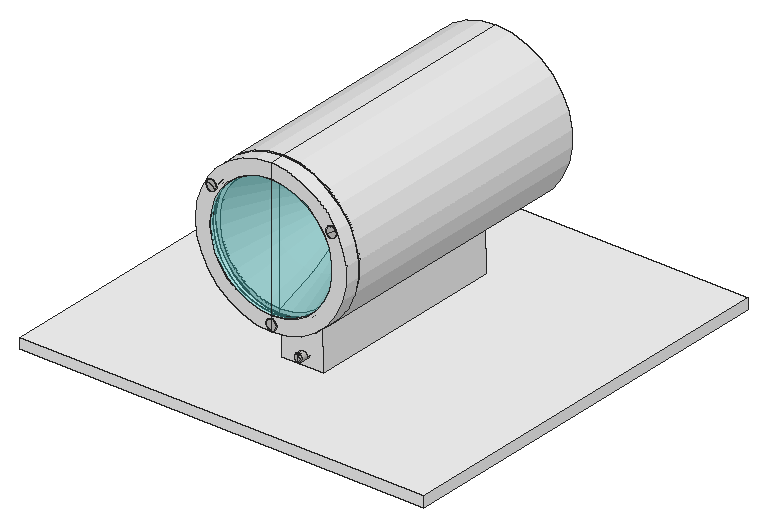
Revit family "BE_66698_de_DE", category Leuchten, Revit 2020
Family settings
  Basisbauteil = Fläche
  Bemaßung runder Anschluss = Durchmesser verwenden
  Teiletyp = Normal
  Beim Laden mit Abzugskörper schneiden = Ja
  Lichtquelle = Ja
  Gemeinsam genutzt = Nein
  Raumberechnungspunkt = Ja
Parameters (values of type "BEGA_66698_Weiß_K4")
  built-in parameter 1150104 = 7.488 (stored number, unit not read)
  Wattage = 18 W
  Default Elevation = 0 mm
  built-in parameter 1150113 = 1 (stored number, unit not read)
  built-in parameter 1114218 = 1 (stored number, unit not read)
  Umgebungstemperatur = "25 °C"
  URL = "https://www.bega.com/de/produkt/66698"
  Typenkommentare = "© 2022 BEGA. Wir behalten uns das Recht vor, technische Änderungen ohne vorherige Ankündigung vorzunehmen."  # constant formula
  Type Image = 66698.png
  built-in parameter 1150134 = 12
  built-in parameter 1150109 = 1 (stored number, unit not read)
  Strom = ""
  built-in parameter 1150110 = 1 (stored number, unit not read)
  Spannung = 239.996 V
  Sonderanfertigung = no
  Seriennummer [instance] = "Hier können Sie die eindeutige Seriennummer für das Facility Management eintragen."
  Schutzklasse = "I"
  Schutzart = "IP 65"
  Scheinlast = 0 VA
  Produktdatenblatt = "https://cdn.bega.com/bega/products/66698K4/current/documents/data-sheets/de"
  Oberflächentemperatur = ""
  Neigungswinkel = 0.00°
  Modell = "66698WK4"
  Material_17 = BEGA_Reflektor
  Material_15 = BEGA_Leuchtmedium_matt
  Material_11 = BEGA_Glas_opal
  Material_09 = BEGA_Glas_klar
  Material_06 = BEGA_Oberfläche_Edelstahl_gebürstet
  Material_03 = BEGA_Oberfläche_Weiss_matt
  Material_02 = BEGA_Oberfläche_Silber_matt
  Material_01 [instance] = BEGA_Oberfläche_Grafit_matt
  M_W = yes
  M_G = no
  M_A = no
  Logo = 0
  built-in parameter 1114217 = 1 (stored number, unit not read)
  built-in parameter 1150139 = (empty or 0)
  built-in parameter 1150105 = 115.45 (stored number, unit not read)
  built-in parameter 1150114 = 1 (stored number, unit not read)
  Lumens = 1450.8 lm
  built-in parameter 1150115 = 1 (stored number, unit not read)
  Leuchtenlichtstrom = "1289 lm"
  Leuchtenanzahl = ""
  Lebensdauerkriterien = "L70B50 @ 25 °C = 170000 h"
  Lastklassifizierung = Beleuchtung
  built-in parameter 1150112 = 1 (stored number, unit not read)
  Lampenlichtstrom = "1965 lm"
  Lampe = "LED 12.3 W"
  LED_Modulbezeichnung = "LED-0724/840"
  built-in parameter 1150142 = (empty or 0)
  Hersteller = "BEGA"  # constant formula
  Halbstreuwinkel = ""
  Gewicht = "3.3 kg"
  Gebrauchslageneinschränkung [instance] = ""
  Frequenz = "0/50-60 Hz"
  Farbwiedergabeindex = "CRI > 80"
  Farbtemperaturverschiebung bei Dämpfen der Lampe = <Keine Auswahl>
  Farbtemperatur = "4000 K"
  Color Filter = 16777215
  built-in parameter 1150133 = 10 (stored number, unit not read)
  Energieeffizienzklasse = "LED A++ - A"
  built-in parameter 1150137 = (empty or 0)
  built-in parameter 1150132 = (empty or 0)
  ENEC = "ja"
  Dimmbar [instance] = "DALI"
  Datei für fotometrisches Netz = "BE_66698K4.IES"
  CE_Konformität = "ja"
  Bestellnummer = "66698WK4"
  Beschreibung_Sonderanfertigung = "Hier können Sie Informationen zur Sonderanfertigung eintragen."
  Beschreibung = "Wandleuchte"
  built-in parameter 1150106 = 1.1545 (stored number, unit not read)
  Befestigungsbohrung = "Ø 4,3 mm"
  Befestigungsabstand = "160 x 14 mm"
  Ballwurfsicher = ""
  BEGA_Intern_aus = yes
  BEGA_Intern_an = yes
  BEGA_Intern_Konstruktion = yes
  BEGA_Intern = yes
  BEGA_IES = yes
  BEGA_Dummy = no
  Anschlussleitung = ""
  Anschlussleistung [instance] = "15 W"
  Anschlusskasten = ""
  built-in parameter 1150107 = 4000 (stored number, unit not read)
  built-in parameter 1150102 = (empty or 0)
  built-in parameter 1150138 = (empty or 0)
  Aktualisierung = "2022-05-19T04:00:07"
  Abstand_zur_angestrahlten_Fläche [instance] = ""
  AC/DC = "AC/DC"
Types (6, lengths in mm): name | built-in parameter 1150104 | built-in parameter 1150134 | Modell | M_W | M_G | M_A | built-in parameter 1150105 | Lumens | Leuchtenlichtstrom | Lampenlichtstrom | LED_Modulbezeichnung | Farbtemperatur | Datei für fotometrisches Netz | Bestellnummer | built-in parameter 1150106 | built-in parameter 1150107
  BEGA_66698_Silber_K4 | 7.488 (stored number, unit not read) | 12 | "66698AK4" | no | no | yes | 115.45 (stored number, unit not read) | 1450.8 lm | "1289 lm" | "1965 lm" | "LED-0724/840" | "4000 K" | "BE_66698K4.IES" | "66698AK4" | 1.1545 (stored number, unit not read) | 4000 (stored number, unit not read)
  BEGA_66698_Weiß_K4 | 7.488 (stored number, unit not read) | 12 | "66698WK4" | yes | no | no | 115.45 (stored number, unit not read) | 1450.8 lm | "1289 lm" | "1965 lm" | "LED-0724/840" | "4000 K" | "BE_66698K4.IES" | "66698WK4" | 1.1545 (stored number, unit not read) | 4000 (stored number, unit not read)
  BEGA_66698_Grafit_K3 | 6.9677 (stored number, unit not read) | (empty or 0) | "66698K3" | no | yes | no | 107.43 (stored number, unit not read) | 1350 lm | "1250 lm" | "1915 lm" | "LED-0724/830" | "3000 K" | "BE_66698K3.IES" | "66698K3" | 1.0743 (stored number, unit not read) | 3000 (stored number, unit not read)
  BEGA_66698_Weiß_K3 | 6.9677 (stored number, unit not read) | (empty or 0) | "66698WK3" | yes | no | no | 107.43 (stored number, unit not read) | 1350 lm | "1250 lm" | "1915 lm" | "LED-0724/830" | "3000 K" | "BE_66698K3.IES" | "66698WK3" | 1.0743 (stored number, unit not read) | 3000 (stored number, unit not read)
  BEGA_66698_Grafit_K4 | 7.488 (stored number, unit not read) | 12 | "66698K4" | no | yes | no | 115.45 (stored number, unit not read) | 1450.8 lm | "1289 lm" | "1965 lm" | "LED-0724/840" | "4000 K" | "BE_66698K4.IES" | "66698K4" | 1.1545 (stored number, unit not read) | 4000 (stored number, unit not read)
  BEGA_66698_Silber_K3 | 6.9677 (stored number, unit not read) | (empty or 0) | "66698AK3" | no | no | yes | 107.43 (stored number, unit not read) | 1350 lm | "1250 lm" | "1915 lm" | "LED-0724/830" | "3000 K" | "BE_66698K3.IES" | "66698AK3" | 1.0743 (stored number, unit not read) | 3000 (stored number, unit not read)
Reference planes
  plane 1 "Mitte (Vorne/Hinten)": y = 0
  plane 2: z = 0
  plane 3 "Mitte (Links/Rechts)": x = 0
  plane 4 "Links": x = -75
  plane 5 "Rechts": x = 75
  plane 6 "Unten": y = -138.971
  plane 7 "Oben": y = 138.971
  plane 8 "Vorne": z = 200
  plane 9 "Hinten": z = 0
Forms (mm)
  Extrusion 1, solid, material "BEGA_Platte_Weiss"
    sketch origin (0, -1119.2, 0) x (1, 0, 0) y (0, 1, 0)
      loop
        line (-200, 1319.2) -> (-200, 919.2) -> (200, 919.2) -> (200, 1319.2) -> (-200, 1319.2)
    from 0 to -10
  Extrusion 2, solid, material "BEGA_Dummy_matt", visible <- "BEGA_Dummy"
    sketch origin (80.095, -76.023, 0) x (1, 0, 0) y (0, 1, 0)
      loop
        line (-155.095, 214.994) -> (-155.095, -62.948) -> (-5.095, -62.948) -> (-5.095, 214.994) -> (-155.095, 214.994)
    from 0 to 200
Dimensions and locks
  plane 1 "Mitte (Vorne/Hinten)" to Extrusion 1 = 200 mm
  aligned and locked: plane 2 to Extrusion 1
  aligned and locked: level to Extrusion 1
Nested families
  nested 1: "BE_66698" at (0, 0, 0) x (0, -1, 0) z (0, 0, 1), type "BE_66698"
Connectors
  electrical at (0, 0, 0), driven by "Lastklassifizierung", driven by "Spannung", driven by "Scheinlast"
    settings: index 1, voltage 239.996 V, apparent load 0 VA, apparent load phase1 0 VA, apparent load phase2 0 VA, apparent load phase3 0 VA, power factor 1, load classification "Beleuchtung", number of poles 1, system type 31, power factor state 1, is connector primary yes, connector utility no, sub classification motor no, connector description ""
Definition of nested family "BE_66698"
  Parameters (values of type "BE_66698")
    Default Elevation = 1 mm
    URL = "http://www.bega.de/de/produkt"
    Type Comments = "© 2015 BEGA. Wir behalten uns das Recht vor, technische Änderungen ohne vorherige Ankündigung vorzunehmen. "  # constant formula
    Type Image = (empty or 0)
    Material_17 = none
    Material_15 = none
    Material_11 = none
    Material_09 = none
    Material_06 = none
    Material_03 = none
    Material_02 = none
    Material_01 = none
    M_W = yes
    M_G = yes
    M_A = yes
    Länge_Platte = 400 mm  # constant formula
    Höhe_Platte = -10 mm  # constant formula
    Manufacturer = "BEGA"  # constant formula
    Breite_Platte = 200 mm  # constant formula
  Reference planes
    plane 1 "Mitte (Oben/Unten)": y = 0
    plane 2: z = 0
    plane 3 "Mitte (Links/Rechts)": x = 0
    plane 4 "Unten": y = -75
    plane 5: x = -138.971
    plane 6: z = 198.5
    plane 7: x = 138.971
    plane 8: z = 0
    plane 9: y = 75
  Forms (mm)
    Extrusion 1, solid, detail levels medium
      sketch origin (0, 0, 0) x (1, 0, 0) y (0, 1, 0)
        loop
          line (-200, 100) -> (-200, -100) -> (200, -100) -> (200, 100) -> (-200, 100)
      from 0 to -10 <- "Höhe_Platte"
    Extrusion 2, solid, material <- "Material_01", visible <- "M_G", detail levels medium+fine
      sketch origin (0, 0, 0) x (0, 1, 0) y (0, 0, 1)
        loop
          line (-20, 48.5) -> (-20.803, 2.5) -> (-16.072, 2.5) -> (-16.072, 49.351) -> (-17.846, 50.654) -> (-20, 48.5)
        loop
          line (20, 48.5) -> (17.846, 50.654) -> (16.072, 49.351) -> (16.072, 2.5) -> (20.803, 2.5) -> (20, 48.5)
      from -100.021 to 99.979
    Extrusion 3, solid, material <- "Material_01", visible <- "M_G", detail levels medium+fine
      sketch origin (0, 0, 0) x (0, 1, 0) y (0, 0, 1)
        loop
          line (-16.072, 49.351) -> (-17.846, 50.654) -> (-20, 48.5) -> (-20.803, 2.5) -> (20.803, 2.5) -> (20, 48.5) -> (17.846, 50.654) -> (13.469, 47.439)
          arc (13.469, 47.439) -> (-1.615, 43.552) -> (-16.072, 49.351) r 25
      from 96.138 to 99.979
    Extrusion 4, solid, material <- "Material_01", visible <- "M_G", detail levels medium+fine
      sketch origin (0, 0, 0) x (0, 1, 0) y (0, 0, -1)
        loop
          arc (-16.072, -49.351) -> (-1.615, -43.552) -> (13.469, -47.439) r 25
          line (13.469, -47.439) -> (17.846, -50.654) -> (20, -48.5) -> (20.803, -2.5) -> (-20.803, -2.5) -> (-20, -48.5) -> (-17.846, -50.654) -> (-16.072, -49.351)
      from 96.138 to 100.021
    Sweep 5, solid, material <- "Material_01", visible <- "M_G", detail levels medium+fine
      path origin (0, 0, 0) x (1, 0, 0) y (0, 1, 0)
        loop
          line (99.979, -20.803) -> (99.979, 20.803) -> (-100.021, 20.803) -> (-100.021, -20.803) -> (99.979, -20.803)
      profile origin (99.979, 0, 0) x (-1, 0, 0) y (0, 0, 1)
        loop
          line (7.192, 13.5) -> (7, 2.5) -> (5, 2.5) -> (5, 0) -> (10.71, 0) -> (10.71, 11.5) -> (17.119, 11.5) -> (17.119, 13.5) -> (7.192, 13.5)
    Extrusion 6, solid, material <- "Material_01", visible <- "M_G", detail levels medium+fine
      sketch origin (0, 0, 0) x (1, 0, 0) y (0, 1, 0)
        loop
          line (-82.902, 3.684) -> (-82.902, -3.684) -> (82.86, -3.684) -> (82.86, 3.684) -> (-82.902, 3.684)
      from 11.5 to 13.5
    Revolve 7, solid, material <- "Material_01", visible <- "M_G", detail levels medium+fine
      sketch origin (0, 0, 0) x (1, 0, 0) y (0, 0, 1)
        loop
          line (123.471, 198.5) -> (-138.971, 198.5) -> (-138.971, 123.5) -> (-136.971, 123.5) -> (-136.971, 194.5) -> (124.471, 194.5) -> (124.471, 183.122) -> (126.971, 183.122) -> (126.971, 196.25) -> (123.471, 196.25) -> (123.471, 198.5)
        axis (-138.971, 123.5) -> (126.971, 123.5)
      angle from 0 to 360
    Revolve 8, solid, material <- "Material_01", visible <- "M_G", detail levels medium+fine
      sketch origin (0, 0, 0) x (1, 0, 0) y (0, 0, 1)
        loop
          line (138.971, 198.256) -> (124.971, 198.5) -> (124.971, 196.8) -> (127.571, 196.755) -> (127.571, 188.505) -> (136.072, 188.505) -> (136.072, 184) -> (138.971, 184) -> (138.971, 198.256)
        axis (124.971, 123.5) -> (138.971, 123.5)
      angle from 0 to 360
    Revolve 9, solid, material <- "Material_09", detail levels medium+fine
      sketch origin (0, 0, 0) x (1, 0, 0) y (0, 0, 1)
        loop
          line (128.971, 186.5) -> (128.971, 123.5) -> (138.971, 123.5) -> (138.971, 183.75) -> (135.571, 183.75)
          arc (135.571, 183.75) -> (134.864, 184.043) -> (134.571, 184.75) r 1
          line (134.571, 184.75) -> (134.571, 186.5) -> (128.971, 186.5)
        axis (128.971, 123.5) -> (138.971, 123.5)
      angle from 0 to 360
    Revolve 10, solid, material <- "Material_17", detail levels medium+fine
      sketch origin (0, 0, 0) x (1, 0, 0) y (0, 0, 1)
        loop
          line (128.971, 182.264) -> (128.971, 186) -> (128.055, 186) -> (128.055, 182.691)
          arc (128.055, 182.691) -> (86.838, 167.677) -> (48.618, 146.15) r 268.405
          line (48.618, 146.15) -> (47.425, 132.516) -> (48.259, 132.516) -> (49.412, 145.689)
          arc (49.412, 145.689) -> (87.69, 167.243) -> (128.971, 182.264) r 268.405
        axis (47.425, 123.5) -> (128.971, 123.5)
      angle from 0 to 360
    Revolve 11, solid, material <- "Material_15", detail levels medium+fine
      sketch origin (0, 0, 0) x (1, 0, 0) y (0, 0, 1)
        loop
          line (46.621, 132.363) -> (45.727, 132.363) -> (45.727, 123.5) -> (46.621, 123.5) -> (46.621, 132.363)
        axis (45.727, 123.5) -> (46.727, 123.5)
      angle from 0 to 360
    Revolve 12, solid, material <- "Material_06", detail levels fine
      sketch origin (0, 0, 0) x (1, 0, 0) y (0, 0, 1)
        loop
          line (93.211, 15) -> (93.211, 11) -> (106.711, 11) -> (106.711, 14) -> (105.221, 14) -> (105.221, 15) -> (93.211, 15)
        axis (93.211, 11) -> (106.711, 11)
      angle from 0 to 360
    Sweep 13, solid, material <- "Material_02", visible <- "M_A", detail levels medium+fine
      path origin (0, 0, 0) x (1, 0, 0) y (0, 1, 0)
        loop
          line (99.979, -20.803) -> (99.979, 20.803) -> (-100.021, 20.803) -> (-100.021, -20.803) -> (99.979, -20.803)
      profile origin (99.979, 0, 0) x (-1, 0, 0) y (0, 0, 1)
        loop
          line (7.192, 13.5) -> (7, 2.5) -> (5, 2.5) -> (5, 0) -> (10.71, 0) -> (10.71, 11.5) -> (17.119, 11.5) -> (17.119, 13.5) -> (7.192, 13.5)
    Extrusion 14, solid, material <- "Material_02", visible <- "M_A", detail levels medium+fine
      sketch origin (0, 0, 0) x (1, 0, 0) y (0, 1, 0)
        loop
          line (-82.902, 3.684) -> (-82.902, -3.684) -> (82.86, -3.684) -> (82.86, 3.684) -> (-82.902, 3.684)
      from 11.5 to 13.5
    Sweep 15, solid, material <- "Material_03", visible <- "M_W", detail levels medium+fine
      path origin (0, 0, 0) x (1, 0, 0) y (0, 1, 0)
        loop
          line (99.979, -20.803) -> (99.979, 20.803) -> (-100.021, 20.803) -> (-100.021, -20.803) -> (99.979, -20.803)
      profile origin (99.979, 0, 0) x (-1, 0, 0) y (0, 0, 1)
        loop
          line (7.192, 13.5) -> (7, 2.5) -> (5, 2.5) -> (5, 0) -> (10.71, 0) -> (10.71, 11.5) -> (17.119, 11.5) -> (17.119, 13.5) -> (7.192, 13.5)
    Extrusion 16, solid, material <- "Material_03", visible <- "M_W", detail levels medium+fine
      sketch origin (0, 0, 0) x (1, 0, 0) y (0, 1, 0)
        loop
          line (-82.902, 3.684) -> (-82.902, -3.684) -> (82.86, -3.684) -> (82.86, 3.684) -> (-82.902, 3.684)
      from 11.5 to 13.5
    Extrusion 17, solid, material <- "Material_02", visible <- "M_A", detail levels medium+fine
      sketch origin (0, 0, 0) x (0, 1, 0) y (0, 0, 1)
        loop
          line (-20, 48.5) -> (-20.803, 2.5) -> (-16.072, 2.5) -> (-16.072, 49.351) -> (-17.846, 50.654) -> (-20, 48.5)
        loop
          line (20, 48.5) -> (17.846, 50.654) -> (16.072, 49.351) -> (16.072, 2.5) -> (20.803, 2.5) -> (20, 48.5)
      from -100.021 to 99.979
    Extrusion 18, solid, material <- "Material_02", visible <- "M_A", detail levels medium+fine
      sketch origin (0, 0, 0) x (0, 1, 0) y (0, 0, 1)
        loop
          line (-16.072, 49.351) -> (-17.846, 50.654) -> (-20, 48.5) -> (-20.803, 2.5) -> (20.803, 2.5) -> (20, 48.5) -> (17.846, 50.654) -> (13.469, 47.439)
          arc (13.469, 47.439) -> (-1.615, 43.552) -> (-16.072, 49.351) r 25
      from 96.138 to 99.979
    Extrusion 19, solid, material <- "Material_02", visible <- "M_A", detail levels medium+fine
      sketch origin (0, 0, 0) x (0, 1, 0) y (0, 0, -1)
        loop
          arc (-16.072, -49.351) -> (-1.615, -43.552) -> (13.469, -47.439) r 25
          line (13.469, -47.439) -> (17.846, -50.654) -> (20, -48.5) -> (20.803, -2.5) -> (-20.803, -2.5) -> (-20, -48.5) -> (-17.846, -50.654) -> (-16.072, -49.351)
      from 96.138 to 100.021
    Extrusion 20, solid, material <- "Material_03", visible <- "M_W", detail levels medium+fine
      sketch origin (0, 0, 0) x (0, 1, 0) y (0, 0, 1)
        loop
          line (-20, 48.5) -> (-20.803, 2.5) -> (-16.072, 2.5) -> (-16.072, 49.351) -> (-17.846, 50.654) -> (-20, 48.5)
        loop
          line (20, 48.5) -> (17.846, 50.654) -> (16.072, 49.351) -> (16.072, 2.5) -> (20.803, 2.5) -> (20, 48.5)
      from -100.021 to 99.979
    Extrusion 21, solid, material <- "Material_03", visible <- "M_W", detail levels medium+fine
      sketch origin (0, 0, 0) x (0, 1, 0) y (0, 0, 1)
        loop
          line (-16.072, 49.351) -> (-17.846, 50.654) -> (-20, 48.5) -> (-20.803, 2.5) -> (20.803, 2.5) -> (20, 48.5) -> (17.846, 50.654) -> (13.469, 47.439)
          arc (13.469, 47.439) -> (-1.615, 43.552) -> (-16.072, 49.351) r 25
      from 96.138 to 99.979
    Extrusion 22, solid, material <- "Material_03", visible <- "M_W", detail levels medium+fine
      sketch origin (0, 0, 0) x (0, 1, 0) y (0, 0, -1)
        loop
          arc (-16.072, -49.351) -> (-1.615, -43.552) -> (13.469, -47.439) r 25
          line (13.469, -47.439) -> (17.846, -50.654) -> (20, -48.5) -> (20.803, -2.5) -> (-20.803, -2.5) -> (-20, -48.5) -> (-17.846, -50.654) -> (-16.072, -49.351)
      from 96.138 to 100.021
    Revolve 23, solid, material <- "Material_02", visible <- "M_A", detail levels medium+fine
      sketch origin (0, 0, 0) x (1, 0, 0) y (0, 0, 1)
        loop
          line (123.471, 198.5) -> (-138.971, 198.5) -> (-138.971, 123.5) -> (-136.971, 123.5) -> (-136.971, 194.5) -> (124.471, 194.5) -> (124.471, 183.122) -> (126.971, 183.122) -> (126.971, 196.25) -> (123.471, 196.25) -> (123.471, 198.5)
        axis (-138.971, 123.5) -> (126.971, 123.5)
      angle from 0 to 360
    Revolve 24, solid, material <- "Material_02", visible <- "M_A", detail levels medium+fine
      sketch origin (0, 0, 0) x (1, 0, 0) y (0, 0, 1)
        loop
          line (138.971, 198.256) -> (124.971, 198.5) -> (124.971, 196.8) -> (127.571, 196.755) -> (127.571, 188.505) -> (136.072, 188.505) -> (136.072, 184) -> (138.971, 184) -> (138.971, 198.256)
        axis (124.971, 123.5) -> (138.971, 123.5)
      angle from 0 to 360
    Revolve 25, solid, material <- "Material_03", visible <- "M_W", detail levels medium+fine
      sketch origin (0, 0, 0) x (1, 0, 0) y (0, 0, 1)
        loop
          line (123.471, 198.5) -> (-138.971, 198.5) -> (-138.971, 123.5) -> (-136.971, 123.5) -> (-136.971, 194.5) -> (124.471, 194.5) -> (124.471, 183.122) -> (126.971, 183.122) -> (126.971, 196.25) -> (123.471, 196.25) -> (123.471, 198.5)
        axis (-138.971, 123.5) -> (126.971, 123.5)
      angle from 0 to 360
    Revolve 26, solid, material <- "Material_03", visible <- "M_W", detail levels medium+fine
      sketch origin (0, 0, 0) x (1, 0, 0) y (0, 0, 1)
        loop
          line (138.971, 198.256) -> (124.971, 198.5) -> (124.971, 196.8) -> (127.571, 196.755) -> (127.571, 188.505) -> (136.072, 188.505) -> (136.072, 184) -> (138.971, 184) -> (138.971, 198.256)
        axis (124.971, 123.5) -> (138.971, 123.5)
      angle from 0 to 360
    Revolve 27, void
      sketch origin (0, 106.954, 185.25) x (1, 0, 0) y (0, -0.866025, -0.5)
        loop
          line (136.495, 57.824) -> (136.495, 55) -> (139.189, 55) -> (139.189, 60.518) -> (136.495, 57.824)
        axis (136.495, 55) -> (139.189, 55)
      angle from 0 to 360
    Revolve 28, void
      sketch origin (0, 0, 0) x (1, 0, 0) y (0, 0, 1)
        loop
          line (136.495, 57.824) -> (136.495, 55) -> (139.189, 55) -> (139.189, 60.518) -> (136.495, 57.824)
        axis (136.495, 55) -> (139.189, 55)
      angle from 0 to 360
    Revolve 29, void
      sketch origin (0, -106.954, 185.25) x (1, 0, 0) y (0, 0.866025, -0.5)
        loop
          line (136.495, 57.824) -> (136.495, 55) -> (139.189, 55) -> (139.189, 60.518) -> (136.495, 57.824)
        axis (136.495, 55) -> (139.189, 55)
      angle from 0 to 360
    Revolve 30, solid, material <- "Material_06", detail levels fine
      sketch origin (0, 0, 0) x (1, 0, 0) y (0, 0, 1)
        loop
          line (138.971, 59.997) -> (138.132, 59.997) -> (138.132, 55) -> (138.971, 55) -> (138.971, 59.997)
        axis (138.132, 55) -> (139.132, 55)
      angle from 0 to 360
    Revolve 31, solid, material <- "Material_06", detail levels fine
      sketch origin (0, -106.954, 185.25) x (1, 0, 0) y (0, 0.866025, -0.5)
        loop
          line (138.971, 59.997) -> (138.132, 59.997) -> (138.132, 55) -> (138.971, 55) -> (138.971, 59.997)
        axis (138.132, 55) -> (139.132, 55)
      angle from 0 to 360
    Revolve 32, solid, material <- "Material_06", detail levels fine
      sketch origin (0, 106.954, 185.25) x (1, 0, 0) y (0, -0.866025, -0.5)
        loop
          line (138.971, 59.997) -> (138.132, 59.997) -> (138.132, 55) -> (138.971, 55) -> (138.971, 59.997)
        axis (138.132, 55) -> (139.132, 55)
      angle from 0 to 360
    Extrusion 33, void
      sketch origin (0, 0, 0) x (1, 0, 0) y (0, 1, 0)
        loop
          circle (79.979, -7) r 2.65
        loop
          circle (-80.021, 7) r 2.65
        loop
          circle (-57.021, 0) r 8.5
        loop
          circle (-24.021, 0) r 8.5
      from 0 to 19.5
  Cuts and joins
    joined: Extrusion 2, Extrusion 3, Extrusion 4
    Extrusion 33 cuts Sweep 5
    Extrusion 33 cuts Extrusion 6
    joined: Sweep 5, Extrusion 6
    Extrusion 33 cuts Sweep 13
    Extrusion 33 cuts Extrusion 14
    joined: Sweep 13, Extrusion 14
    Extrusion 33 cuts Sweep 15
    Extrusion 33 cuts Extrusion 16
    joined: Sweep 15, Extrusion 16
    joined: Extrusion 17, Extrusion 18, Extrusion 19
    joined: Extrusion 20, Extrusion 21, Extrusion 22
    Revolve 27, Revolve 28, Revolve 29 cuts Revolve 26
    Revolve 27, Revolve 28, Revolve 29 cuts Revolve 24
    Revolve 27, Revolve 28, Revolve 29 cuts Revolve 8
    Extrusion 33 cuts Revolve 7
    Extrusion 33 cuts Revolve 10
    Extrusion 33 cuts Revolve 23
    Extrusion 33 cuts Revolve 25
  Dimensions and locks
    equal spacing: Extrusion 1 sketch curve, plane 3 "Mitte (Links/Rechts)", Extrusion 1 sketch curve
    equal spacing: Extrusion 1 sketch curve, plane 1 "Mitte (Oben/Unten)", Extrusion 1 sketch curve
    "Länge_Platte": Extrusion 1 sketch curve to Extrusion 1 sketch curve
    "Breite_Platte": Extrusion 1 sketch curve to Extrusion 1 sketch curve
    aligned and locked: plane 2 to Extrusion 1
    aligned and locked: level to Extrusion 1
  Automatic sketch dimensions
    level to Extrusion 2 sketch curve = 2.5 mm  (x2)
    plane 1 "Mitte (Oben/Unten)" to Extrusion 2 sketch curve = 20.803 mm
    plane 1 "Mitte (Oben/Unten)" to Extrusion 2 sketch curve = 20 mm
    Extrusion 2 sketch curve to Extrusion 2 sketch curve = 2.154 mm  (x2)
    Extrusion 2 sketch curve to Extrusion 2 sketch curve = 4.731 mm  (x2)
    Extrusion 2 sketch curve to plane 1 "Mitte (Oben/Unten)" = 16.072 mm
    Extrusion 2 sketch curve to Extrusion 2 sketch curve = 1.773 mm
    Extrusion 2 sketch curve to Extrusion 2 sketch curve = 46 mm
    Extrusion 2 sketch curve to Extrusion 2 sketch curve = 0 mm
    Extrusion 2 sketch curve to Extrusion 2 sketch curve = 0.851 mm  (x2)
    Extrusion 2 sketch curve to Extrusion 2 sketch curve = 1.303 mm  (x2)
    level to Extrusion 3 sketch curve = 2.5 mm
    plane 1 "Mitte (Oben/Unten)" to Extrusion 3 sketch curve = 20.803 mm
    plane 1 "Mitte (Oben/Unten)" to Extrusion 3 sketch curve = 20 mm
    Extrusion 3 sketch curve to Extrusion 3 sketch curve = 2.154 mm  (x3)
    Extrusion 3 sketch curve to Extrusion 3 sketch curve = 1.774 mm
    Extrusion 3 sketch curve to plane 1 "Mitte (Oben/Unten)" = 0 mm
    Extrusion 3 sketch curve to plane 1 "Mitte (Oben/Unten)" = 13.469 mm
    Extrusion 3 sketch curve to Extrusion 3 sketch curve = 4.377 mm
    Extrusion 3 sketch curve to plane 1 "Mitte (Oben/Unten)" = 20.803 mm
    Extrusion 3 sketch curve to Extrusion 3 sketch curve = 44.939 mm
    Extrusion 3 sketch curve to Extrusion 3 sketch curve = 1.061 mm  (x2)
    Extrusion 3 sketch curve to Extrusion 3 sketch curve = 0.851 mm
    Extrusion 3 sketch curve to Extrusion 3 sketch curve = 1.303 mm
    level to Extrusion 4 sketch curve = 2.5 mm
    plane 1 "Mitte (Oben/Unten)" to Extrusion 4 sketch curve = 20.803 mm
    plane 1 "Mitte (Oben/Unten)" to Extrusion 4 sketch curve = 20 mm
    Extrusion 4 sketch curve to Extrusion 4 sketch curve = 2.154 mm  (x3)
    Extrusion 4 sketch curve to Extrusion 4 sketch curve = 1.774 mm
    Extrusion 4 sketch curve to plane 1 "Mitte (Oben/Unten)" = 0 mm
    Extrusion 4 sketch curve to plane 1 "Mitte (Oben/Unten)" = 13.469 mm
    Extrusion 4 sketch curve to Extrusion 4 sketch curve = 4.377 mm
    Extrusion 4 sketch curve to plane 1 "Mitte (Oben/Unten)" = 20.803 mm
    Extrusion 4 sketch curve to Extrusion 4 sketch curve = 44.939 mm
    Extrusion 4 sketch curve to Extrusion 4 sketch curve = 1.061 mm  (x2)
    Extrusion 4 sketch curve to Extrusion 4 sketch curve = 0.851 mm
    Extrusion 4 sketch curve to Extrusion 4 sketch curve = 1.303 mm
    Sweep 5 sketch curve to plane 1 "Mitte (Oben/Unten)" = 20.803 mm
    plane 3 "Mitte (Links/Rechts)" to Sweep 5 sketch curve = 99.979 mm
    plane 1 "Mitte (Oben/Unten)" to Sweep 5 sketch curve = 20.803 mm
    Sweep 5 sketch curve to level = 0 mm
    Sweep 5 sketch curve to profile plane = 5 mm
    level to Sweep 5 sketch curve = 2.5 mm
    Sweep 5 sketch curve to Sweep 5 sketch curve = 2 mm  (x2)
    Sweep 5 sketch curve to profile plane = 7.192 mm
    Sweep 5 sketch curve to Sweep 5 sketch curve = 3.518 mm
    Sweep 5 sketch curve to Sweep 5 sketch curve = 6.409 mm
    Sweep 5 sketch curve to Sweep 5 sketch curve = 9 mm
    Extrusion 6 sketch curve to plane 1 "Mitte (Oben/Unten)" = 3.684 mm
    Extrusion 6 sketch curve to plane 3 "Mitte (Links/Rechts)" = 82.902 mm
    plane 3 "Mitte (Links/Rechts)" to Extrusion 6 sketch curve = 82.86 mm
    plane 1 "Mitte (Oben/Unten)" to Extrusion 6 sketch curve = 3.684 mm
    Revolve 7 sketch curve to Revolve 7 sketch curve = 2 mm
    Revolve 7 sketch curve to Revolve 7 sketch curve = 1 mm
    Revolve 7 sketch curve to Revolve 7 sketch curve = 2.5 mm
    Revolve 7 sketch curve to Revolve 7 sketch curve = 1.75 mm
    Revolve 7 sketch curve to Revolve 7 sketch curve = 11.378 mm
    Revolve 7 sketch curve to Revolve 7 sketch curve = 71 mm
    Revolve 7 sketch curve to Revolve 7 sketch curve = 0 mm  (x2)
    Revolve 7 sketch curve to plane 3 "Mitte (Links/Rechts)" = 67.675 mm
    Revolve 8 sketch curve to Revolve 8 sketch curve = 2.6 mm
    Revolve 8 sketch curve to Revolve 8 sketch curve = 8.501 mm
    Revolve 8 sketch curve to Revolve 8 sketch curve = 2.899 mm
    Revolve 8 sketch curve to Revolve 8 sketch curve = 0.045 mm
    Revolve 8 sketch curve to Revolve 8 sketch curve = 8.249 mm
    Revolve 8 sketch curve to Revolve 8 sketch curve = 4.505 mm
    plane 3 "Mitte (Links/Rechts)" to Revolve 8 sketch curve = 57.571 mm
    Revolve 8 sketch curve to Revolve 8 sketch curve = 60.5 mm
    Revolve 9 sketch curve to Revolve 9 sketch curve = 5.6 mm
    Revolve 9 sketch curve to Revolve 9 sketch curve = 1 mm
    Revolve 9 sketch curve to Revolve 9 sketch curve = 10 mm
    Revolve 9 sketch curve to Revolve 9 sketch curve = 1.75 mm
    Revolve 9 sketch curve to Revolve 9 sketch curve = 23.822 mm
    Revolve 9 sketch curve to Revolve 9 sketch curve = 12.605 mm
    Revolve 9 sketch curve to Revolve 9 sketch curve = 0 mm
    plane 3 "Mitte (Links/Rechts)" to Revolve 10 sketch curve = 47.425 mm
    Revolve 10 sketch curve to Revolve 10 sketch curve = 0.835 mm
    Revolve 10 sketch curve to Revolve 10 sketch curve = 0.358 mm
    Revolve 10 sketch curve to Revolve 10 sketch curve = 0.794 mm
    Revolve 10 sketch curve to Revolve 10 sketch curve = 0.916 mm
    Revolve 10 sketch curve to Revolve 10 sketch curve = 0.427 mm
    Revolve 10 sketch curve to Revolve 10 sketch curve = 36.541 mm
    Revolve 10 sketch curve to Revolve 10 sketch curve = 0.462 mm
    Revolve 10 sketch curve to Revolve 10 sketch curve = 13.173 mm
    Revolve 10 sketch curve to Revolve 10 sketch curve = 3.309 mm
    Revolve 10 sketch curve to Revolve 10 sketch curve = 26.096 mm
    Revolve 10 sketch curve to Revolve 10 sketch curve = 10 mm
    Revolve 10 sketch curve to Revolve 10 sketch curve = 9.016 mm
    plane 3 "Mitte (Links/Rechts)" to Revolve 11 sketch curve = 45.727 mm
    Revolve 11 sketch curve to Revolve 11 sketch curve = 0.893 mm
    Revolve 11 sketch curve to Revolve 11 sketch curve = 8.863 mm
    Revolve 11 sketch curve to Revolve 11 sketch curve = 0 mm  (x2)
    Revolve 11 sketch curve to Revolve 11 sketch curve = 4.971 mm
    level to Revolve 12 sketch curve = 15 mm
    plane 3 "Mitte (Links/Rechts)" to Revolve 12 sketch curve = 93.211 mm
    Revolve 12 sketch curve to Revolve 12 sketch curve = 12.01 mm
    Revolve 12 sketch curve to Revolve 12 sketch curve = 1.49 mm
    Revolve 12 sketch curve to Revolve 12 sketch curve = 1 mm
    Revolve 12 sketch curve to Revolve 12 sketch curve = 3 mm
    Revolve 12 sketch curve to Revolve 12 sketch curve = 1.954 mm
    Revolve 12 sketch curve to Revolve 12 sketch curve = 0.575 mm
    Revolve 12 sketch curve to Revolve 12 sketch curve = 0 mm
    Sweep 13 sketch curve to plane 1 "Mitte (Oben/Unten)" = 20.803 mm
    plane 1 "Mitte (Oben/Unten)" to Sweep 13 sketch curve = 20.803 mm
    plane 3 "Mitte (Links/Rechts)" to Sweep 13 sketch curve = 99.979 mm
    Sweep 13 sketch curve to level = 0 mm
    Sweep 13 sketch curve to profile plane = 5 mm
    level to Sweep 13 sketch curve = 2.5 mm
    Sweep 13 sketch curve to Sweep 13 sketch curve = 2 mm  (x2)
    Sweep 13 sketch curve to profile plane = 7.192 mm
    Sweep 13 sketch curve to Sweep 13 sketch curve = 3.518 mm
    Sweep 13 sketch curve to Sweep 13 sketch curve = 6.409 mm
    Sweep 13 sketch curve to Sweep 13 sketch curve = 9 mm
    plane 1 "Mitte (Oben/Unten)" to Extrusion 14 sketch curve = 3.684 mm
    Extrusion 14 sketch curve to plane 3 "Mitte (Links/Rechts)" = 82.902 mm
    plane 3 "Mitte (Links/Rechts)" to Extrusion 14 sketch curve = 82.86 mm
    Extrusion 14 sketch curve to plane 1 "Mitte (Oben/Unten)" = 3.684 mm
    Sweep 15 sketch curve to plane 1 "Mitte (Oben/Unten)" = 20.803 mm
    plane 1 "Mitte (Oben/Unten)" to Sweep 15 sketch curve = 20.803 mm
    plane 3 "Mitte (Links/Rechts)" to Sweep 15 sketch curve = 99.979 mm
    Sweep 15 sketch curve to level = 0 mm
    Sweep 15 sketch curve to profile plane = 5 mm
    level to Sweep 15 sketch curve = 2.5 mm
    Sweep 15 sketch curve to Sweep 15 sketch curve = 2 mm  (x2)
    Sweep 15 sketch curve to profile plane = 7.192 mm
    Sweep 15 sketch curve to Sweep 15 sketch curve = 3.518 mm
    Sweep 15 sketch curve to Sweep 15 sketch curve = 6.409 mm
    Sweep 15 sketch curve to Sweep 15 sketch curve = 9 mm
    plane 1 "Mitte (Oben/Unten)" to Extrusion 16 sketch curve = 3.684 mm
    Extrusion 16 sketch curve to plane 3 "Mitte (Links/Rechts)" = 82.902 mm
    plane 3 "Mitte (Links/Rechts)" to Extrusion 16 sketch curve = 82.86 mm
    Extrusion 16 sketch curve to plane 1 "Mitte (Oben/Unten)" = 3.684 mm
    level to Extrusion 17 sketch curve = 2.5 mm  (x2)
    plane 1 "Mitte (Oben/Unten)" to Extrusion 17 sketch curve = 20.803 mm
    plane 1 "Mitte (Oben/Unten)" to Extrusion 17 sketch curve = 20 mm
    Extrusion 17 sketch curve to Extrusion 17 sketch curve = 2.154 mm  (x2)
    Extrusion 17 sketch curve to Extrusion 17 sketch curve = 4.731 mm  (x2)
    Extrusion 17 sketch curve to plane 1 "Mitte (Oben/Unten)" = 16.072 mm
    Extrusion 17 sketch curve to Extrusion 17 sketch curve = 1.773 mm
    Extrusion 17 sketch curve to Extrusion 17 sketch curve = 46 mm
    Extrusion 17 sketch curve to Extrusion 17 sketch curve = 0 mm
    Extrusion 17 sketch curve to Extrusion 17 sketch curve = 0.851 mm  (x2)
    Extrusion 17 sketch curve to Extrusion 17 sketch curve = 1.303 mm  (x2)
    level to Extrusion 18 sketch curve = 2.5 mm
    plane 1 "Mitte (Oben/Unten)" to Extrusion 18 sketch curve = 20.803 mm
    plane 1 "Mitte (Oben/Unten)" to Extrusion 18 sketch curve = 20 mm
    Extrusion 18 sketch curve to Extrusion 18 sketch curve = 2.154 mm  (x3)
    Extrusion 18 sketch curve to Extrusion 18 sketch curve = 1.774 mm
    Extrusion 18 sketch curve to plane 1 "Mitte (Oben/Unten)" = 0 mm
    Extrusion 18 sketch curve to plane 1 "Mitte (Oben/Unten)" = 13.469 mm
    Extrusion 18 sketch curve to Extrusion 18 sketch curve = 4.377 mm
    Extrusion 18 sketch curve to plane 1 "Mitte (Oben/Unten)" = 20.803 mm
    Extrusion 18 sketch curve to Extrusion 18 sketch curve = 44.939 mm
    Extrusion 18 sketch curve to Extrusion 18 sketch curve = 1.061 mm  (x2)
    Extrusion 18 sketch curve to Extrusion 18 sketch curve = 0.851 mm
    Extrusion 18 sketch curve to Extrusion 18 sketch curve = 1.303 mm
    level to Extrusion 19 sketch curve = 2.5 mm
    plane 1 "Mitte (Oben/Unten)" to Extrusion 19 sketch curve = 20.803 mm
    plane 1 "Mitte (Oben/Unten)" to Extrusion 19 sketch curve = 20 mm
    Extrusion 19 sketch curve to Extrusion 19 sketch curve = 2.154 mm  (x3)
    Extrusion 19 sketch curve to Extrusion 19 sketch curve = 1.774 mm
    Extrusion 19 sketch curve to plane 1 "Mitte (Oben/Unten)" = 0 mm
    Extrusion 19 sketch curve to plane 1 "Mitte (Oben/Unten)" = 13.469 mm
    Extrusion 19 sketch curve to Extrusion 19 sketch curve = 4.377 mm
    Extrusion 19 sketch curve to plane 1 "Mitte (Oben/Unten)" = 20.803 mm
    Extrusion 19 sketch curve to Extrusion 19 sketch curve = 44.939 mm
    Extrusion 19 sketch curve to Extrusion 19 sketch curve = 1.061 mm  (x2)
    Extrusion 19 sketch curve to Extrusion 19 sketch curve = 0.851 mm
    Extrusion 19 sketch curve to Extrusion 19 sketch curve = 1.303 mm
    level to Extrusion 20 sketch curve = 2.5 mm  (x2)
    plane 1 "Mitte (Oben/Unten)" to Extrusion 20 sketch curve = 20.803 mm
    plane 1 "Mitte (Oben/Unten)" to Extrusion 20 sketch curve = 20 mm
    Extrusion 20 sketch curve to Extrusion 20 sketch curve = 2.154 mm  (x2)
    Extrusion 20 sketch curve to Extrusion 20 sketch curve = 4.731 mm  (x2)
    Extrusion 20 sketch curve to plane 1 "Mitte (Oben/Unten)" = 16.072 mm
    Extrusion 20 sketch curve to Extrusion 20 sketch curve = 1.773 mm
    Extrusion 20 sketch curve to Extrusion 20 sketch curve = 46 mm
    Extrusion 20 sketch curve to Extrusion 20 sketch curve = 0 mm
    Extrusion 20 sketch curve to Extrusion 20 sketch curve = 0.851 mm  (x2)
    Extrusion 20 sketch curve to Extrusion 20 sketch curve = 1.303 mm  (x2)
    level to Extrusion 21 sketch curve = 2.5 mm
    plane 1 "Mitte (Oben/Unten)" to Extrusion 21 sketch curve = 20.803 mm
    plane 1 "Mitte (Oben/Unten)" to Extrusion 21 sketch curve = 20 mm
    Extrusion 21 sketch curve to Extrusion 21 sketch curve = 2.154 mm  (x3)
    Extrusion 21 sketch curve to Extrusion 21 sketch curve = 1.774 mm
    Extrusion 21 sketch curve to plane 1 "Mitte (Oben/Unten)" = 0 mm
    Extrusion 21 sketch curve to plane 1 "Mitte (Oben/Unten)" = 13.469 mm
    Extrusion 21 sketch curve to Extrusion 21 sketch curve = 4.377 mm
    Extrusion 21 sketch curve to plane 1 "Mitte (Oben/Unten)" = 20.803 mm
    Extrusion 21 sketch curve to Extrusion 21 sketch curve = 44.939 mm
    Extrusion 21 sketch curve to Extrusion 21 sketch curve = 1.061 mm  (x2)
    Extrusion 21 sketch curve to Extrusion 21 sketch curve = 0.851 mm
    Extrusion 21 sketch curve to Extrusion 21 sketch curve = 1.303 mm
    level to Extrusion 22 sketch curve = 2.5 mm
    plane 1 "Mitte (Oben/Unten)" to Extrusion 22 sketch curve = 20.803 mm
    plane 1 "Mitte (Oben/Unten)" to Extrusion 22 sketch curve = 20 mm
    Extrusion 22 sketch curve to Extrusion 22 sketch curve = 2.154 mm  (x3)
    Extrusion 22 sketch curve to Extrusion 22 sketch curve = 1.774 mm
    Extrusion 22 sketch curve to plane 1 "Mitte (Oben/Unten)" = 0 mm
    Extrusion 22 sketch curve to plane 1 "Mitte (Oben/Unten)" = 13.469 mm
    Extrusion 22 sketch curve to Extrusion 22 sketch curve = 4.377 mm
    Extrusion 22 sketch curve to plane 1 "Mitte (Oben/Unten)" = 20.803 mm
    Extrusion 22 sketch curve to Extrusion 22 sketch curve = 44.939 mm
    Extrusion 22 sketch curve to Extrusion 22 sketch curve = 1.061 mm  (x2)
    Extrusion 22 sketch curve to Extrusion 22 sketch curve = 0.851 mm
    Extrusion 22 sketch curve to Extrusion 22 sketch curve = 1.303 mm
    Revolve 23 sketch curve to Revolve 23 sketch curve = 2 mm
    Revolve 23 sketch curve to Revolve 23 sketch curve = 1 mm
    Revolve 23 sketch curve to Revolve 23 sketch curve = 2.5 mm
    Revolve 23 sketch curve to Revolve 23 sketch curve = 1.75 mm
    Revolve 23 sketch curve to Revolve 23 sketch curve = 11.378 mm
    Revolve 23 sketch curve to Revolve 23 sketch curve = 71 mm
    Revolve 23 sketch curve to Revolve 23 sketch curve = 0 mm  (x2)
    Revolve 23 sketch curve to plane 3 "Mitte (Links/Rechts)" = 67.675 mm
    Revolve 24 sketch curve to Revolve 24 sketch curve = 2.6 mm
    Revolve 24 sketch curve to Revolve 24 sketch curve = 8.501 mm
    Revolve 24 sketch curve to Revolve 24 sketch curve = 2.899 mm
    Revolve 24 sketch curve to Revolve 24 sketch curve = 0.045 mm
    Revolve 24 sketch curve to Revolve 24 sketch curve = 8.249 mm
    Revolve 24 sketch curve to Revolve 24 sketch curve = 4.505 mm
    plane 3 "Mitte (Links/Rechts)" to Revolve 24 sketch curve = 57.571 mm
    Revolve 24 sketch curve to Revolve 24 sketch curve = 60.5 mm
    Revolve 25 sketch curve to Revolve 25 sketch curve = 2 mm
    Revolve 25 sketch curve to Revolve 25 sketch curve = 1 mm
    Revolve 25 sketch curve to Revolve 25 sketch curve = 2.5 mm
    Revolve 25 sketch curve to Revolve 25 sketch curve = 1.75 mm
    Revolve 25 sketch curve to Revolve 25 sketch curve = 11.378 mm
    Revolve 25 sketch curve to Revolve 25 sketch curve = 71 mm
    Revolve 25 sketch curve to Revolve 25 sketch curve = 0 mm  (x2)
    Revolve 25 sketch curve to plane 3 "Mitte (Links/Rechts)" = 67.675 mm
    Revolve 26 sketch curve to Revolve 26 sketch curve = 2.6 mm
    Revolve 26 sketch curve to Revolve 26 sketch curve = 8.501 mm
    Revolve 26 sketch curve to Revolve 26 sketch curve = 2.899 mm
    Revolve 26 sketch curve to Revolve 26 sketch curve = 0.045 mm
    Revolve 26 sketch curve to Revolve 26 sketch curve = 8.249 mm
    Revolve 26 sketch curve to Revolve 26 sketch curve = 4.505 mm
    plane 3 "Mitte (Links/Rechts)" to Revolve 26 sketch curve = 57.571 mm
    Revolve 26 sketch curve to Revolve 26 sketch curve = 60.5 mm
    Revolve 27 sketch curve to Revolve 27 sketch curve = 2.695 mm  (x2)
    Revolve 27 sketch curve to Revolve 27 sketch curve = 2.824 mm
    Revolve 27 sketch curve to Revolve 27 sketch curve = 0.281 mm
    Revolve 27 sketch curve to Revolve 27 sketch curve = 1.098 mm
    Revolve 27 sketch curve to Revolve 27 sketch curve = 0 mm
    Revolve 28 sketch curve to Revolve 28 sketch curve = 2.695 mm  (x2)
    Revolve 28 sketch curve to Revolve 28 sketch curve = 2.824 mm
    Revolve 28 sketch curve to Revolve 28 sketch curve = 0.281 mm
    Revolve 28 sketch curve to Revolve 28 sketch curve = 1.098 mm
    Revolve 28 sketch curve to Revolve 28 sketch curve = 0 mm
    Revolve 29 sketch curve to Revolve 29 sketch curve = 2.695 mm  (x2)
    Revolve 29 sketch curve to Revolve 29 sketch curve = 2.824 mm
    Revolve 29 sketch curve to Revolve 29 sketch curve = 0.281 mm
    Revolve 29 sketch curve to Revolve 29 sketch curve = 1.098 mm
    Revolve 29 sketch curve to Revolve 29 sketch curve = 0 mm
    level to Revolve 28 sketch curve = 55 mm
    Revolve 30 sketch curve to Revolve 30 sketch curve = 0.839 mm
    Revolve 30 sketch curve to Revolve 30 sketch curve = 4.997 mm
    Revolve 30 sketch curve to Revolve 30 sketch curve = 0 mm  (x2)
    Revolve 30 sketch curve to Revolve 30 sketch curve = 0.338 mm
    Revolve 31 sketch curve to Revolve 31 sketch curve = 0.839 mm
    Revolve 31 sketch curve to Revolve 31 sketch curve = 4.997 mm
    Revolve 31 sketch curve to Revolve 31 sketch curve = 0 mm  (x2)
    Revolve 31 sketch curve to Revolve 31 sketch curve = 0.338 mm
    Revolve 32 sketch curve to Revolve 32 sketch curve = 0.839 mm
    Revolve 32 sketch curve to Revolve 32 sketch curve = 4.997 mm
    Revolve 32 sketch curve to Revolve 32 sketch curve = 0 mm  (x2)
    Revolve 32 sketch curve to Revolve 32 sketch curve = 0.338 mm
    level to Revolve 30 sketch curve = 55 mm
    plane 1 "Mitte (Oben/Unten)" to Extrusion 33 sketch curve = 0 mm  (x2)
    Extrusion 33 sketch curve to plane 1 "Mitte (Oben/Unten)" = 7 mm
    Extrusion 33 sketch curve to plane 3 "Mitte (Links/Rechts)" = 80.021 mm
    Extrusion 33 sketch curve to Extrusion 33 sketch curve = 23 mm
    Extrusion 33 sketch curve to plane 3 "Mitte (Links/Rechts)" = 24.021 mm
    plane 1 "Mitte (Oben/Unten)" to Extrusion 33 sketch curve = 7 mm
    plane 3 "Mitte (Links/Rechts)" to Extrusion 33 sketch curve = 79.979 mm
    Sweep 5 sketch curve to plane 3 "Mitte (Links/Rechts)" = 100.021 mm
    Revolve 7 sketch curve to Revolve 7 sketch curve = 69.295 mm
    Sweep 13 sketch curve to plane 3 "Mitte (Links/Rechts)" = 100.021 mm
    Sweep 15 sketch curve to plane 3 "Mitte (Links/Rechts)" = 100.021 mm
    Revolve 23 sketch curve to Revolve 23 sketch curve = 69.295 mm
    Revolve 25 sketch curve to Revolve 25 sketch curve = 69.295 mm
    plane 3 "Mitte (Links/Rechts)" to Revolve 7 sketch curve = 123.471 mm
    Revolve 8 sketch curve to Revolve 8 sketch curve = 67.4 mm
    Revolve 8 sketch curve to Revolve 8 sketch curve = 8.6 mm
    plane 3 "Mitte (Links/Rechts)" to Revolve 9 sketch curve = 128.971 mm
    Revolve 10 sketch curve to Revolve 10 sketch curve = 43.7 mm
    Revolve 10 sketch curve to Revolve 10 sketch curve = 0.797 mm
    plane 3 "Mitte (Links/Rechts)" to Revolve 23 sketch curve = 123.471 mm
    Revolve 24 sketch curve to Revolve 24 sketch curve = 67.4 mm
    Revolve 24 sketch curve to Revolve 24 sketch curve = 8.6 mm
    plane 3 "Mitte (Links/Rechts)" to Revolve 25 sketch curve = 123.471 mm
    Revolve 26 sketch curve to Revolve 26 sketch curve = 67.4 mm
    Revolve 26 sketch curve to Revolve 26 sketch curve = 8.6 mm
    plane 3 "Mitte (Links/Rechts)" to Revolve 27 sketch curve = 136.495 mm
    plane 3 "Mitte (Links/Rechts)" to Revolve 28 sketch curve = 136.495 mm
    plane 3 "Mitte (Links/Rechts)" to Revolve 29 sketch curve = 136.495 mm
    plane 3 "Mitte (Links/Rechts)" to Revolve 30 sketch curve = 138.132 mm
    plane 3 "Mitte (Links/Rechts)" to Revolve 31 sketch curve = 138.132 mm
    plane 3 "Mitte (Links/Rechts)" to Revolve 32 sketch curve = 138.132 mm
    level to Revolve 7 sketch curve = 123.5 mm
    Revolve 7 sketch curve to Revolve 7 sketch curve = 4 mm
    level to Revolve 8 sketch curve = 184 mm
    Revolve 8 sketch curve to Revolve 8 sketch curve = 9.75 mm
    Revolve 8 sketch curve to Revolve 8 sketch curve = 1.7 mm
    level to Revolve 9 sketch curve = 123.5 mm
    Revolve 9 sketch curve to Revolve 9 sketch curve = 60.25 mm
    plane 3 "Mitte (Links/Rechts)" to Revolve 10 sketch curve = 199.005 mm
    level to Revolve 11 sketch curve = 123.5 mm
    level to Revolve 23 sketch curve = 123.5 mm
    Revolve 23 sketch curve to Revolve 23 sketch curve = 4 mm
    level to Revolve 24 sketch curve = 184 mm
    Revolve 24 sketch curve to Revolve 24 sketch curve = 9.75 mm
    Revolve 24 sketch curve to Revolve 24 sketch curve = 1.7 mm
    level to Revolve 25 sketch curve = 123.5 mm
    Revolve 25 sketch curve to Revolve 25 sketch curve = 4 mm
    level to Revolve 26 sketch curve = 184 mm
    Revolve 26 sketch curve to Revolve 26 sketch curve = 9.75 mm
    Revolve 26 sketch curve to Revolve 26 sketch curve = 1.7 mm
    Revolve 10 sketch curve to level = 76.626 mm
    radius of Extrusion 33 sketch curve = 2.65 mm  (x2)
    radius of Extrusion 33 sketch curve = 8.5 mm  (x2)
